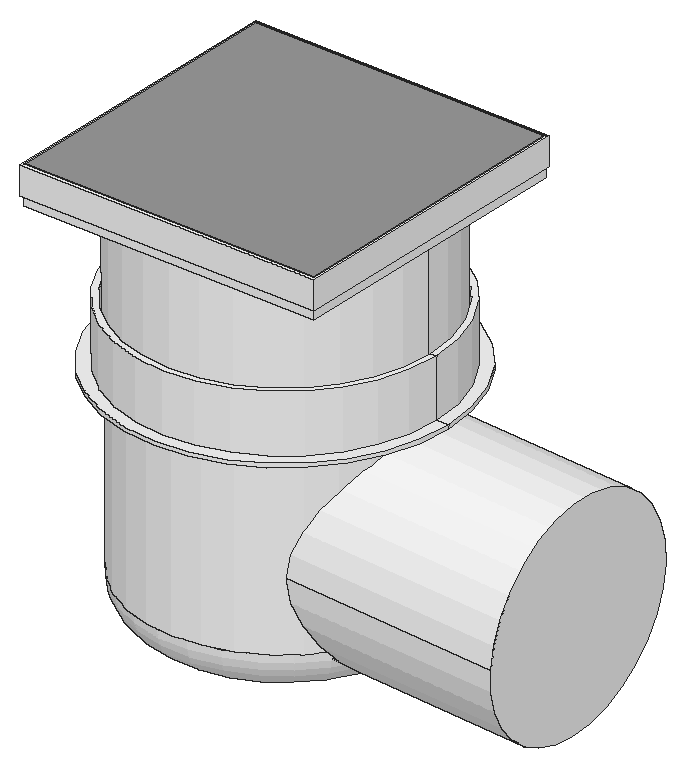
Revit family "HL_Трап для подвалов_HL72N", category Instalační zařizovací předměty, Revit 2016
Family settings
  Typ součásti = Normální
  Kóta kulaté spojky = Použít průměr
  Číslo OmniClass = 23.70.50.21.24.14
  Nadpis OmniClass = Deck Waste Water Drains
  Založené na pracovní rovině = Ne
  Vždy vertikální = Ano
  Ořezat dutým tvarem při načtení = Ne
  Sdílené = Ano
  Bod výpočtu místnosti = Ano
Parameters (values of type "HL_Трап для подвалов_HL72N")
  РЕШЁТКА = "138x138 mm/ V2A"
  РАЗМЕР = "DN110"
  ПРОПУСКНАЯ СПОСОБНОСТЬ [instance] = 0.0 L/s
  ПРОИЗВОДИТЕЛЬНОСТЬ = "1,67 l/s"
  ПРАВОВАЯ ИНФОРМАЦИЯ = "\"Авторские права(©), права на дизайн или какие либо другие права интелектуальной собственности являются исключительной собственностью компании HL Hutterer & Lechner. Изменению не подлежит. Файл семейства с данными о прозводителе изделия защищен паролем с водяным знаком.\""
  ПАДЕНИЕ ДАВЛЕНИЯ [instance] = 0.0 Pa
  НОМИНАЛЬНЫЙ ДИАМЕТР = 110 mm
  НАСАДКА = "48-95 mm/ 148x148 mm"
  МАТЕРИАЛ = "PP"
  МАКСИМАЛЬНАЯ НАГРУЗКА КЛАССА = "K3 - 300 kg"
  ВЫСОТА МОНТАЖА = "160 mm"
  ВЕС = "0,873 kg"
  Připojení ventilace = no
  Výrobce = "HL Hutterer & Lechner GmbH"
  URL = "http://www.hutterer-lechner.com/ru/products/catalog/roof-drains/HL72N.aspx"
  Připojení odpadu = yes
  Připojení HW = no
  Popis = "Трап для подвалов"
  Model = "HL72N"
  Komentáře k typům = "Трап для подвалов DN110 горизонтальный 148х148мм/138х138мм"
  Keynote = "HL72N"
  Высота монтажа [instance] = 95 mm
  Připojení CW = no
  EAN = "9003076999729"
  D1 [instance] = 147.7 mm
  D [instance] = Высота монтажа + 56.6 mm  # 151.6 mm
  C [instance] = Высота монтажа + 56.6 mm  # 151.6 mm
  B [instance] = Высота монтажа + 64 mm  # 159 mm
  A [instance] = if(B - 100 mm > 15 mm, B - 100 mm, 15 mm)  # 59 mm
Reference planes
  plane 1 "Center (Front/Back)": y = 0
  plane 2: z = 0
  plane 3 "Center (Left/Right)": x = 0
  plane 4 "Ball Joint Vertical": x = 25.45
  plane 5: z = -95
  plane 6: z = -159
Lines and regions (mm)
  model lines, style "InvisibleLines"
    curve 1: line (0, 0, 0) -> (0, 0, 560)
  reference lines
    curve 2: line (117.7, 0, -159) -> (147.7, 0, -159)
  model lines, detail levels coarse+medium
    curve 3: line (0, 0, -159) -> (0, 0, -100)
    curve 4: line (0, 0, -100) -> (100, 0, 0)
    curve 5: line (0, 0, -100) -> (-100, 0, 0)
    curve 6: line (0, 0, -159) -> (147.7, 0, -159)
  symbolic lines, style "PlumbingFixtures", detail levels coarse+medium
    curve 7: line (-75, 75, 0) -> (75, 75, 0)
    curve 8: line (-75, -75, 0) -> (-75, 75, 0)
    curve 9: line (75, -75, 0) -> (-75, -75, 0)
    curve 10: line (75, 75, 0) -> (75, -75, 0)
    curve 11: line (-75, 75, 0) -> (-145.711, 145.711, 0)
    curve 12: line (75, 75, 0) -> (145.711, 145.711, 0)
    curve 13: line (-75, -75, 0) -> (-145.711, -145.711, 0)
    curve 14: line (75, -75, 0) -> (145.711, -145.711, 0)
  symbolic lines, style "PlumbingFixtures", not visible, detail levels coarse+medium
    curve 15: line (-75, 75, 0) -> (75, 75, 0)
    curve 16: line (-75, -75, 0) -> (-75, 75, 0)
    curve 17: line (75, -75, 0) -> (-75, -75, 0)
    curve 18: line (75, 75, 0) -> (75, -75, 0)
    curve 19: line (-75, 75, 0) -> (-145.711, 145.711, 0)
    curve 20: line (75, 75, 0) -> (145.711, 145.711, 0)
    curve 21: line (-75, -75, 0) -> (-145.711, -145.711, 0)
    curve 22: line (75, -75, 0) -> (145.711, -145.711, 0)
Text (mm)
  text "FLOOR" at (-198.233, 0, -26.556), in view "вид строительства"
Dimensions and locks
  locked: plane 4 "Ball Joint Vertical" to plane 3 "Center (Left/Right)" at 25.45
  "Высота монтажа": plane 2 to plane 5
  "A": curve 5 to plane 6
  "B": curve 5 to plane 6
  "B": curve 4 to plane 6
  "B": plane 2 to plane 6
  "B": plane 2 to curve 6
  "D1": curve 2 to plane 3 "Center (Left/Right)"
  "D1": curve 6 to plane 3 "Center (Left/Right)"
  locked: curve 4 to plane 3 "Center (Left/Right)" (angle 45.00°)
  locked: plane 3 "Center (Left/Right)" to curve 5 (angle 45.00°)
  aligned and locked: level to plane 2
  aligned and locked: plane 2 to curve 1
  aligned and locked: plane 3 "Center (Left/Right)" to curve 1
  aligned and locked: plane 3 "Center (Left/Right)" to curve 5
  aligned and locked: curve 2 to plane 6
  aligned and locked: plane 3 "Center (Left/Right)" to nested 1
  aligned and locked: nested 1 to plane 5
  aligned and locked: plane 3 "Center (Left/Right)" to nested 2
  aligned and locked: plane 2 to nested 2
Automatic sketch dimensions
  level to curve 1 = 560 mm
  curve 2 to curve 2 = 30 mm
Nested families
  nested 1: "HL-Трап для подвалов-HL72" at (0, 0, -66), type "HL-Трап для подвалов-HL72"
  nested 2: "HL-Насадка-HL66.9" at (0, 0, 0), Bысота монтажа <- "Высота монтажа", type "HL-Насадка-HL66.9"
    with L -90 mm, IHmin 12 mm, IHmax 90 mm, Bысота монтажа 95 mm
Connectors
  piping at (147.7, 0, -159), diameter 110, driven by "НОМИНАЛЬНЫЙ ДИАМЕТР", driven by "ПРОПУСКНАЯ СПОСОБНОСТЬ"
    settings: on curve 2, index 1, connector inside diameter 609.6 mm, connector length 0 mm, flow factor 0, pipe flow 0.0 L/s, pressure drop 0.0 Pa, fitting loss kfactor 0, connector angle 0.00°, fixture units 0, engagement length 0 mm, angle of deflection 0.00°, flow configuration 1, flow direction 2, fitting loss method 0, system type 16, joint type 0, gender type 0, connector reference index -1, connector utility 0, adjustable connector yes, is connector primary yes, connector description ""
Definition of nested family "HL-Трап для подвалов-HL72"
  Parameters (values of type "HL-Трап для подвалов-HL72")
    Manufacturer = ""
    URL = ""
    Description = ""
    Model = ""
    Type Comments = ""
    Cost = 0
  Reference planes
    plane 1 "Střed (vpředu/vzadu)": y = 0
    plane 2: z = 0
    plane 3 "Střed (vlevo/vpravo)": x = 0
  Forms (mm)
    Revolve 1, solid, detail levels fine
      sketch origin (0, 0, 0) x (1, 0, 0) y (0, 0, 1)
        loop
          line (-82.5, -29) -> (-82.5, -31) -> (-70.991, -31) -> (-70.991, -122.009)
          arc (-70.991, -122.009) -> (-64.843, -136.852) -> (-50, -143) r 20.991
          line (-50, -143) -> (0, -143) -> (0, -25) -> (-73.559, -25) -> (-73.559, 0) -> (-76.522, 0) -> (-76.522, -29) -> (-82.5, -29)
        axis (0, 0) -> (0, -143)
      angle from 0 to 360
    Sweep 2, solid, detail levels fine
      path origin (0, 0, 2.846) x (1, 0, 0) y (0, 0, 1)
        loop
          line (150.529, -40.92) -> (35.687, -34.901)
      profile origin (93.108, 0, -35.065) x (-0.052336, 0, -0.99863) y (0, -1, 0)
        loop
          circle (55, 0) r 55
  Dimensions and locks
    aligned and locked: level to plane 2
Definition of nested family "HL-Насадка-HL66.9"
  Parameters
    РЕШЁТКА = "Edelstahl 138x138mm"
    РАЗМЕР = "d 145 mm"
    ПРАВОВАЯ ИНФОРМАЦИЯ = "Авторские права(©), права на дизайн или какие либо другие права интелектуальной собственности являются исключительной собственностью компании HL Hutterer & Lechner. Изменению не подлежит. Файл семейства с данными о прозводителе изделия защищен паролем с водяным знаком."
    НАСАДКА = "147x147mm"
    МАТЕРИАЛ = "PP"
    МАКСИМАЛЬНАЯ НАГРУЗКА КЛАССА = "K - 300 kg"
    ВЫСОТА МОНТАЖА = "12-65mm"
    Материал плитка = none
    ВЕС = "0,345 [kg]"
    L [instance] = -if(Bысота монтажа - 5 mm < IHmin, 19 mm, if(Bысота монтажа - 5 mm > IHmax, 19 mm, Bысота монтажа - 5 mm))  # -90 mm
    Manufacturer = "HL Hutterer & Lechner GmbH"
    URL = "http://www.hutterer-lechner.com/ru/products/catalog/roof-drains/HL66.9.aspx"
    Description = "Кровельные воронки"
    Model = "HL66.9"
    Type Comments = "HL66.9, Насадка d 145мм с бороздками/147х147мм/138х138мм"
    Keynote = "HL66.9"
    Bысота монтажа [instance] = 95 mm
    IHmin [instance] = 12 mm
    IHmax [instance] = 90 mm
    EAN = "9003076014606"
    Cost = 0
  Reference planes
    plane 1 "Střed (vpředu/vzadu)": y = 0
    plane 2: z = 0
    plane 3 "Střed (vlevo/vpravo)": x = 0
  Forms (mm)
    Extrusion 1, solid, detail levels fine
      sketch origin (-1.537, 0, -14.6) x (0, 1, 0) y (-1, 0, 0)
        loop
          line (74, 72.459) -> (-74, 72.459) -> (-74, -75.537) -> (74, -75.537) -> (74, 72.459)
        loop
          line (73, 71.463) -> (-73, 71.463) -> (-73, -74.537) -> (73, -74.537) -> (73, 71.463)
      from 0.6 to 14.6
    Extrusion 2, solid, detail levels fine
      sketch origin (-1.537, 0, -14) x (-1, 0, 0) y (0, 1, 0)
        loop
          line (71.463, 73) -> (-74.537, 73) -> (-74.537, -73) -> (71.463, -73) -> (71.463, 73)
        loop
          circle (-1.537, 0) r 72.5
      from 0 to 5
    Extrusion 3, solid, detail levels fine
      sketch origin (-1.537, 0, -14) x (-1, 0, 0) y (0, -1, 0)
        loop
          line (70.95, -72.397) -> (70.95, 72.463) -> (-74.05, 72.463) -> (-74.05, -72.397) -> (70.95, -72.397)
      from 0 to 14
    Extrusion 4, solid, detail levels fine
      sketch origin (0, 0, 0) x (1, 0, 0) y (0, 1, 0)
        loop
          circle (0, 0) r 72.5
      from -19 to -90 <- "L"
  Lines and regions (mm)
    model lines, detail levels fine
      curve 1: line (36.25, 24.325, 0) -> (36.25, -24.42, 0)
      curve 2: line (43.75, -24.42, 0) -> (43.75, 24.325, 0)
      curve 3: line (52.25, 40.306, 0) -> (52.25, -40.355, 0)
      curve 4: line (59.75, -40.355, 0) -> (59.75, 40.306, 0)
      curve 5: line (20.25, 8.588, 0) -> (20.25, -8.684, 0)
      curve 6: line (27.75, -8.684, 0) -> (27.75, 8.588, 0)
      curve 7: arc (27.75, 8.588, 0) -> (24, 12.338, 0) -> (20.25, 8.588, 0) r 3.75
      curve 8: arc (20.25, -8.684, 0) -> (24, -12.434, 0) -> (27.75, -8.684, 0) r 3.75
      curve 9: arc (36.25, -24.42, 0) -> (40, -28.17, 0) -> (43.75, -24.42, 0) r 3.75
      curve 10: arc (43.75, 24.325, 0) -> (40, 28.075, 0) -> (36.25, 24.325, 0) r 3.75
      curve 11: arc (59.75, 40.306, 0) -> (56, 44.056, 0) -> (52.25, 40.306, 0) r 3.75
      curve 12: arc (52.25, -40.355, 0) -> (56, -44.105, 0) -> (59.75, -40.355, 0) r 3.75
      curve 13: line (-24.325, -36.25, 0) -> (24.42, -36.25, 0)
      curve 14: line (24.42, -43.75, 0) -> (-24.325, -43.75, 0)
      curve 15: line (-40.306, -52.25, 0) -> (40.355, -52.25, 0)
      curve 16: line (40.355, -59.75, 0) -> (-40.306, -59.75, 0)
      curve 17: line (-8.588, -20.25, 0) -> (8.684, -20.25, 0)
      curve 18: line (8.684, -27.75, 0) -> (-8.588, -27.75, 0)
      curve 19: arc (-8.588, -27.75, 0) -> (-12.338, -24, 0) -> (-8.588, -20.25, 0) r 3.75
      curve 20: arc (8.684, -20.25, 0) -> (12.434, -24, 0) -> (8.684, -27.75, 0) r 3.75
      curve 21: arc (24.42, -36.25, 0) -> (28.17, -40, 0) -> (24.42, -43.75, 0) r 3.75
      curve 22: arc (-24.325, -43.75, 0) -> (-28.075, -40, 0) -> (-24.325, -36.25, 0) r 3.75
      curve 23: arc (-40.306, -59.75, 0) -> (-44.056, -56, 0) -> (-40.306, -52.25, 0) r 3.75
      curve 24: arc (40.355, -52.25, 0) -> (44.105, -56, 0) -> (40.355, -59.75, 0) r 3.75
      curve 25: line (36.25, -24.42, 0) -> (36.25, 24.325, 0)
      curve 26: line (43.75, 24.325, 0) -> (43.75, -24.42, 0)
      curve 27: line (52.25, -40.355, 0) -> (52.25, 40.306, 0)
      curve 28: line (59.75, 40.306, 0) -> (59.75, -40.355, 0)
      curve 29: line (20.25, -8.684, 0) -> (20.25, 8.588, 0)
      curve 30: line (27.75, 8.588, 0) -> (27.75, -8.684, 0)
      curve 31: arc (27.75, -8.588, 0) -> (24, -12.338, 0) -> (20.25, -8.588, 0) r 3.75
      curve 32: arc (20.25, 8.684, 0) -> (24, 12.434, 0) -> (27.75, 8.684, 0) r 3.75
      curve 33: arc (36.25, 24.42, 0) -> (40, 28.17, 0) -> (43.75, 24.42, 0) r 3.75
      curve 34: arc (43.75, -24.325, 0) -> (40, -28.075, 0) -> (36.25, -24.325, 0) r 3.75
      curve 35: arc (59.75, -40.306, 0) -> (56, -44.056, 0) -> (52.25, -40.306, 0) r 3.75
      curve 36: arc (52.25, 40.355, 0) -> (56, 44.105, 0) -> (59.75, 40.355, 0) r 3.75
      curve 37: line (24.42, -36.25, 0) -> (-24.325, -36.25, 0)
      curve 38: line (-24.325, -43.75, 0) -> (24.42, -43.75, 0)
      curve 39: line (40.355, -52.25, 0) -> (-40.306, -52.25, 0)
      curve 40: line (-40.306, -59.75, 0) -> (40.355, -59.75, 0)
      curve 41: line (8.684, -20.25, 0) -> (-8.588, -20.25, 0)
      curve 42: line (-8.588, -27.75, 0) -> (8.684, -27.75, 0)
      curve 43: arc (8.588, -27.75, 0) -> (12.338, -24, 0) -> (8.588, -20.25, 0) r 3.75
      curve 44: arc (-8.684, -20.25, 0) -> (-12.434, -24, 0) -> (-8.684, -27.75, 0) r 3.75
      curve 45: arc (-24.42, -36.25, 0) -> (-28.17, -40, 0) -> (-24.42, -43.75, 0) r 3.75
      curve 46: arc (24.325, -43.75, 0) -> (28.075, -40, 0) -> (24.325, -36.25, 0) r 3.75
      curve 47: arc (40.306, -59.75, 0) -> (44.056, -56, 0) -> (40.306, -52.25, 0) r 3.75
      curve 48: arc (-40.355, -52.25, 0) -> (-44.105, -56, 0) -> (-40.355, -59.75, 0) r 3.75
      curve 49: line (-36.25, 24.325, 0) -> (-36.25, -24.325, 0)
      curve 50: line (-43.75, -24.325, 0) -> (-43.75, 24.325, 0)
      curve 51: line (-52.25, 40.306, 0) -> (-52.25, -40.306, 0)
      curve 52: line (-59.75, -40.306, 0) -> (-59.75, 40.306, 0)
      curve 53: line (-20.25, 8.588, 0) -> (-20.25, -8.588, 0)
      curve 54: line (-27.75, -8.684, 0) -> (-27.75, 8.588, 0)
      curve 55: arc (-27.75, 8.588, 0) -> (-24, 12.338, 0) -> (-20.25, 8.588, 0) r 3.75
      curve 56: arc (-20.25, -8.684, 0) -> (-24, -12.434, 0) -> (-27.75, -8.684, 0) r 3.75
      curve 57: arc (-43.75, 24.325, 0) -> (-40, 28.075, 0) -> (-36.25, 24.325, 0) r 3.75
      curve 58: arc (-59.75, 40.306, 0) -> (-56, 44.056, 0) -> (-52.25, 40.306, 0) r 3.75
      curve 59: line (-36.25, -24.325, 0) -> (-36.25, 24.325, 0)
      curve 60: line (-43.75, 24.325, 0) -> (-43.75, -24.325, 0)
      curve 61: line (-52.25, -40.306, 0) -> (-52.25, 40.306, 0)
      curve 62: line (-59.75, 40.306, 0) -> (-59.75, -40.306, 0)
      curve 63: line (-20.25, -8.588, 0) -> (-20.25, 8.588, 0)
      curve 64: line (-27.75, 8.588, 0) -> (-27.75, -8.684, 0)
      curve 65: arc (-27.75, -8.588, 0) -> (-24, -12.338, 0) -> (-20.25, -8.588, 0) r 3.75
      curve 66: arc (-20.25, 8.684, 0) -> (-24, 12.434, 0) -> (-27.75, 8.684, 0) r 3.75
      curve 67: arc (-36.25, 24.42, 0) -> (-40, 28.17, 0) -> (-43.75, 24.42, 0) r 3.75
      curve 68: arc (-43.75, -24.325, 0) -> (-40, -28.075, 0) -> (-36.25, -24.325, 0) r 3.75
      curve 69: arc (-59.75, -40.306, 0) -> (-56, -44.056, 0) -> (-52.25, -40.306, 0) r 3.75
      curve 70: arc (-52.25, 40.355, 0) -> (-56, 44.105, 0) -> (-59.75, 40.355, 0) r 3.75
      curve 71: line (-24.42, 36.25, 0) -> (24.325, 36.25, 0)
      curve 72: line (24.42, 43.75, 0) -> (-24.42, 43.75, 0)
      curve 73: line (-40.355, 52.25, 0) -> (40.306, 52.25, 0)
      curve 74: line (40.306, 59.75, 0) -> (-40.355, 59.75, 0)
      curve 75: line (-8.588, 20.25, 0) -> (8.588, 20.25, 0)
      curve 76: line (8.684, 27.75, 0) -> (-8.588, 27.75, 0)
      curve 77: arc (-8.588, 27.75, 0) -> (-12.338, 24, 0) -> (-8.588, 20.25, 0) r 3.75
      curve 78: arc (8.684, 20.25, 0) -> (12.434, 24, 0) -> (8.684, 27.75, 0) r 3.75
      curve 79: arc (24.42, 36.25, 0) -> (28.17, 40, 0) -> (24.42, 43.75, 0) r 3.75
      curve 80: line (24.325, 36.25, 0) -> (-24.42, 36.25, 0)
      curve 81: line (-24.42, 43.75, 0) -> (24.42, 43.75, 0)
      curve 82: line (40.306, 52.25, 0) -> (-40.355, 52.25, 0)
      curve 83: line (-40.355, 59.75, 0) -> (40.306, 59.75, 0)
      curve 84: line (8.588, 20.25, 0) -> (-8.588, 20.25, 0)
      curve 85: line (-8.588, 27.75, 0) -> (8.684, 27.75, 0)
      curve 86: arc (8.588, 27.75, 0) -> (12.338, 24, 0) -> (8.588, 20.25, 0) r 3.75
      curve 87: arc (-8.684, 20.25, 0) -> (-12.434, 24, 0) -> (-8.684, 27.75, 0) r 3.75
      curve 88: arc (-24.42, 36.25, 0) -> (-28.17, 40, 0) -> (-24.42, 43.75, 0) r 3.75
      curve 89: arc (24.325, 43.75, 0) -> (28.075, 40, 0) -> (24.325, 36.25, 0) r 3.75
      curve 90: arc (40.306, 59.75, 0) -> (44.056, 56, 0) -> (40.306, 52.25, 0) r 3.75
      curve 91: arc (-40.355, 52.25, 0) -> (-44.105, 56, 0) -> (-40.355, 59.75, 0) r 3.75
  Dimensions and locks
    Extrusion 1 sketch curve to Extrusion 1 sketch curve = 147.996 mm
    Extrusion 1 sketch curve to Extrusion 1 sketch curve = 148 mm
    aligned and locked: level to plane 2
    aligned and locked: Extrusion 4 to Extrusion 2
